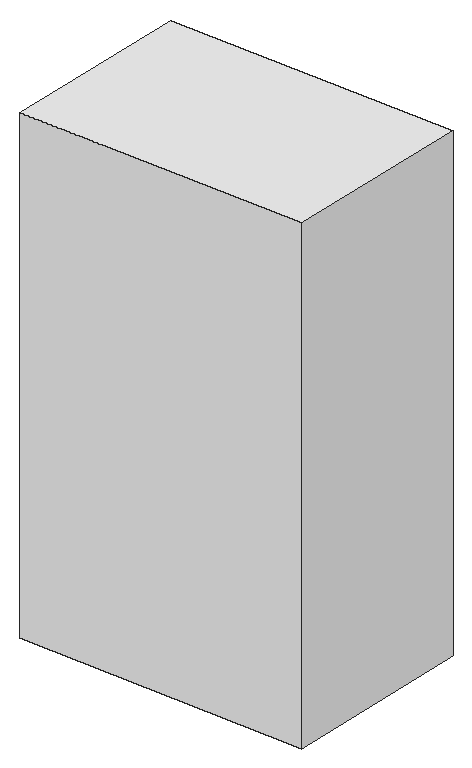
Revit family "5393ae278dd34bf889855019e6276261", category Casework, host Wall, Revit 2021
Family settings
  Host = Wall
  OmniClass Number = 23.40.35.17.47.11
  OmniClass Title = Kitchen Casework
  Seek Item ID = Upper Cabinet-Single Door-Wall-0000-USA-ENU
  Always vertical = Yes
  Cut with Voids When Loaded = No
  Shared = No
  Room Calculation Point = No
Parameters (values of type "18"")
  Default Elevation = 0' - 0"
  Assembly Code = "C1030410"
  Cabinet Material = none
  Depth = 1' - 0"
  Door/Drawer Material = none
  Handle Material = Cabinets - Handles
  Height = 2' - 6"
  Top Of Cabinet = 7' - 0"
  Width = 1' - 6"
Types (7): name | Width
  (no name) | 1' - 6"
  18" | 1' - 6"
  9" | 0' - 9"
  12" | 1' - 0"
  15" | 1' - 3"
  21" | 1' - 9"
  24" | 2' - 0"
Reference planes (in)
  plane 1: y = 0
  plane 2 "Center": x = 1.17209
  plane 3 "Right": x = 10.17209
  plane 4 "Left": x = -7.82791
  plane 5: z = 54
  plane 6: z = 84
  plane 7 "Front": y = 15
  plane 8: y = 3
  plane 9: x = -6.57791
  plane 10: z = 69
Forms (in)
  Extrusion 1, solid, material <- "Cabinet Material"
    sketch origin (0, 3, 0) x (1, 0, 0) y (0, 0, 1)
      loop
        line (10.17209, 84) -> (-7.82791, 84) -> (-7.82791, 54) -> (10.17209, 54) -> (10.17209, 84)
      loop
        line (9.42209, 83.25) -> (-7.07791, 83.25) -> (-7.07791, 54.75) -> (9.42209, 54.75) -> (9.42209, 83.25)
    from 0 to -12
  Extrusion 2, solid, material <- "Cabinet Material"
    sketch origin (0, 3, 0) x (1, 0, 0) y (0, 0, 1)
      loop
        line (9.42209, 83.25) -> (-7.07791, 83.25) -> (-7.07791, 54.75) -> (9.42209, 54.75) -> (9.42209, 83.25)
    from 0 to -0.75
  Extrusion 3, solid, material <- "Door/Drawer Material"
    sketch origin (0, 15, 0) x (0, 0, 1) y (1, 0, 0)
      loop
        line (83.25, 9.42209) -> (54.75, 9.42209) -> (54.75, -7.07791) -> (83.25, -7.07791) -> (83.25, 9.42209)
    from 0.5 to -0.75
  Sweep 4, solid, material "Cabinets - Handles" <- "Handle Material"
    path origin (-6.57791, 0, 0) x (0, 1, 0) y (0, 0, 1)
      loop
        line (15.5, 60) -> (16, 60)
        arc (16, 60) -> (16.35355, 59.85355) -> (16.5, 59.5) r 0.5
        line (16.5, 59.5) -> (16.5, 56.5)
        arc (16.5, 56.5) -> (16.35355, 56.14645) -> (16, 56) r 0.5
        line (16, 56) -> (15.5, 56)
    profile origin (-6.57791, 15.75, 0) x (0, 0, 1) y (1, 0, 0)
      loop
        circle (60, 0) r 0.25
Cuts and joins
  joined: Extrusion 1, Extrusion 2
Lines and regions (in)
  symbolic lines, style "Plan Rep - Above"
    curve 1: line (-7.82791, 15, 0) -> (10.17209, 15, 0)
    curve 2: line (-7.82791, 3, 0) -> (-7.82791, 15, 0)
    curve 3: line (10.17209, 3, 0) -> (-7.82791, 3, 0)
    curve 4: line (10.17209, 15, 0) -> (10.17209, 3, 0)
  symbolic lines, style "Elevation Swing"
    curve 5: line (-7.07791, 0, 83.25) -> (9.42209, 0, 69)
    curve 6: line (9.42209, 0, 69) -> (-7.07791, 0, 54.75)
Text (in)
  text "Placement Side" at (0, 11.38545, 123.01588), in view "Right"
  text "Placement Side" at (-46.2935, 32.48364, 0), in view "Floor Line"
  text "Placement Side" at (0, 62.35621, 93.97704), in view "Left"
Dimensions and locks (in)
  equal spacing: plane 4 "Left", plane 2 "Center", plane 3 "Right"
  "Width": plane 4 "Left" to plane 3 "Right"
  "Depth": plane 8 to plane 7 "Front"
  locked: plane 4 "Left" to plane 9 at 1.25
  equal spacing: plane 5, plane 10, plane 6
  "Top Of Cabinet": level to plane 6
  "Height": plane 5 to plane 6
  aligned and locked: plane 8 to host wall
  aligned and locked: plane 7 "Front" to Extrusion 1
  aligned and locked: Extrusion 2 sketch curve to Extrusion 1  (x4)
Automatic sketch dimensions
  Extrusion 1 sketch curve to plane 4 "Left" = 0' - 0"
  Extrusion 1 sketch curve to plane 3 "Right" = 0' - 0"
  Extrusion 1 sketch curve to plane 5 = 0' - 0"
  Extrusion 1 sketch curve to plane 6 = 0' - 0"
  plane 4 "Left" to Extrusion 1 sketch curve = 0' - 0 3/4"
  Extrusion 1 sketch curve to plane 3 "Right" = 0' - 0 3/4"
  Extrusion 1 sketch curve to plane 5 = 0' - 0 3/4"
  plane 6 to Extrusion 1 sketch curve = 0' - 0 3/4"
  plane 4 "Left" to Extrusion 3 sketch curve = 0' - 0 3/4"
  Extrusion 3 sketch curve to plane 5 = 0' - 0 3/4"
  plane 6 to Extrusion 3 sketch curve = 0' - 0 3/4"
  Extrusion 3 sketch curve to plane 3 "Right" = 0' - 0 3/4"
  Sweep 4 sketch curve to plane 9 = 0' - 0"
  Sweep 4 sketch curve to profile plane = 0' - 0"
  profile plane to Sweep 4 sketch curve = 0' - 0 1/4"
  curve 3 to host wall = 0' - 0"
  curve 3 to plane 4 "Left" = 0' - 0"
  curve 3 to plane 3 "Right" = 0' - 0"
  curve 2 to plane 7 "Front" = 0' - 0"
  plane 7 "Front" to Sweep 4 sketch curve = 0' - 0 1/2"  (x2)
  Sweep 4 sketch curve to Sweep 4 sketch curve = 0' - 0 1/2"  (x3)
  Sweep 4 sketch curve to plane 5 = 0' - 2"
  Sweep 4 sketch curve to Sweep 4 sketch curve = 0' - 3"
  curve 6 to plane 10 = 0' - 0"
  plane 6 to curve 5 = 0' - 0 3/4"
  curve 6 to plane 5 = 0' - 0 3/4"
  curve 6 to plane 9 = 0' - 0 1/2"
  curve 5 to plane 9 = 0' - 0 1/2"
  curve 6 to plane 3 "Right" = 0' - 0 3/4"
